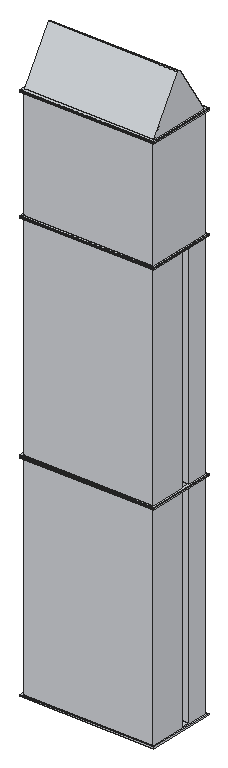
Revit family "19.Воздушная завеса без нагрева PWZ на базе вентиляторов WRP", category Оборудование, Revit 2016
Family settings
  Тип детали = Нормальный
  Размер круглого соединителя = Использовать диаметр
  На основе рабочей плоскости = Нет
  Всегда вертикально = Да
  При загрузке вырезать с полостями = Нет
  Общий = Нет
  Точка расчета площади = Нет
Parameters (values of type "60-30")
  х2 = И1 / 2  # 1000 mm
  х = И2 * 0.7  # 525 mm
  ножки(да/нет) [instance] = no
  Ширина щели = 42 mm  # constant formula
  Ширина = А  # 600 mm
  Частотный преобразователь [instance] = no
  Частота вращения n, об/мин = ""
  Тип, марка, обозначение = "PWZ 60-30 H"
  Сила тока J, А = "2.51"
  Регулятор расхода [instance] = no
  Раздел = "ОВ"
  Примечание = ""
  Позиция = ""
  Напряжение U,В = "3-380"
  Наименование и тех.хар-ка = "Воздушная завеса без нагрева"  # constant formula
  Мощность двигателя N,Вт = "1100"
  Материал = Сталь серая
  Масса единицы = ""
  Макс. расход воздуха м3/ч = ""
  Макс. полное давление, Па = ""
  И2 = 750 mm
  Код, оборудования = ""
  Ключевая пометка = "Вентиляция"
  И1 = 2000 mm
  Задание электрикам [instance] = no
  Задание автоматчикам [instance] = no
  Завод изготовитель = "KORF"  # constant formula
  Единица измерения = "шт."  # constant formula
  Высота = Б  # 300 mm
  Б1 = Б * 0.3  # 90 mm
  Б = 300 mm
  А = 600 mm
  x1 = х * 0.4  # 210 mm
  d = И2 * 0.27  # 202.5 mm
  D = И2 * 0.36  # 270 mm
Types (6, lengths in mm): name | х | Ширина | Тип, марка, обозначение | Сила тока J, А | Мощность двигателя N,Вт | И2 | Высота | Б1 | Б | А | x1 | d | D
  60-30 | 525 | 600 | "PWZ 60-30 H" | "2.51" | "1100" | 750 | 300 | 90 | 300 | 600 | 210 | 202.5 | 270
  60-35 | 525 | 600 | "PWZ 60-35 H" | "3,45" | "1500" | 750 | 350 | 105 | 350 | 600 | 210 | 202.5 | 270
  70-40 M | 595 | 700 | "PWZ 70-40 M H" | "3,45" | "1500" | 850 | 400 | 120 | 400 | 700 | 238 | 229.5 | 306
  70-40 | 595 | 700 | "PWZ 70-40 H" | "5.9" | "3" | 850 | 400 | 120 | 400 | 700 | 238 | 229.5 | 306
  80-50 | 682.5 | 800 | "PWZ 80-50 H" | "5.9" | "3000" | 975 | 500 | 150 | 500 | 800 | 273 | 263.25 | 351
  90-50 | 693 | 900 | "PWZ 90-50 H" | "10.7" | "5500" | 990 | 500 | 150 | 500 | 900 | 277.2 | 267.3 | 356.4
Reference planes
  plane 1 "По центру (Вперед/Назад)": y = 0
  plane 2: z = 0
  plane 3 "По центру (Влево/Вправо)": x = 0
  plane 4: x = -300
  plane 5: x = 300
  plane 6: y = 150
  plane 7: y = -150
  plane 8: z = 2000
  plane 9: z = 2750
  plane 10: z = 2525
  plane 11: z = 1000
  plane 12: y = 60
  plane 13: y = 18
  plane 14: x = 260
  plane 15: x = -260
  plane 16: z = 2210
  plane 17: z = 2475
  plane 18: z = 2375
  plane 19: x = 160
  plane 20: y = 200
Forms (mm)
  Extrusion 1, void, not visible
    sketch origin (-345, -245, 50) x (0, -1, 0) y (0, 0, -1)
      loop
        line (-477.965, -475) -> (-477.965, -450) -> (-528.913, -450) -> (-528.913, -475) -> (-477.965, -475)
    from -47.452 to 12
  Extrusion 2, solid
    sketch origin (0, 0, 0) x (1, 0, 0) y (0, 1, 0)
      loop
        line (-300, 150) -> (-300, -150) -> (300, -150) -> (300, 150) -> (-300, 150)
    from 1000 to 2000
  Extrusion 3, solid
    sketch origin (0, 0, 75.182) x (1, 0, 0) y (0, 0, 1)
      loop
        line (-300, 2449.818) -> (-300, 1924.818) -> (300, 1924.818) -> (300, 2449.818) -> (-300, 2449.818)
    from -150 to 150
  Extrusion 4, solid
    sketch origin (0, 0, 0) x (1, 0, 0) y (0, 0, 1)
      loop
        line (-300, 1000) -> (-300, 0) -> (300, 0) -> (300, 1000) -> (-300, 1000)
    from -150 to 150
  Extrusion 5, solid
    sketch origin (0, 0, 0) x (0, 1, 0) y (0, 0, 1)
      loop
        line (150, 2525) -> (3.883, 2750) -> (0, 2750) -> (-3.883, 2750) -> (-150, 2525) -> (150, 2525)
    from -300 to 300
  Sweep 6, solid
    path in 3D
      loop
        line (300, -150, 0) -> (300, 150, 0) -> (-300, 150, 0) -> (-300, -150, 0) -> (300, -150, 0)
    profile origin (0, -150, 0) x (0, -1, 0) y (0, 0, -1)
      loop
        line (0, 0) -> (0, -5) -> (10, -5) -> (10, 0) -> (0, 0)
  Sweep 7, solid
    path in 3D
      loop
        line (-300, -150, 1000) -> (-300, 150, 1000) -> (300, 150, 1000) -> (300, -150, 1000) -> (-300, -150, 1000)
    profile origin (0, -150, 1000) x (0, -1, 0) y (0, 0, 1)
      loop
        line (10, -5) -> (10, -1.078) -> (8.696, 0) -> (10, 1.304) -> (10, 5) -> (0, 5) -> (0, 0) -> (0, -5) -> (10, -5)
  Sweep 8, solid
    path in 3D
      loop
        line (300, -150, 2000) -> (300, 150, 2000) -> (-300, 150, 2000) -> (-300, -150, 2000) -> (300, -150, 2000)
    profile origin (0, -150, 2000) x (0, -1, 0) y (0, 0, -1)
      loop
        line (0, -5) -> (10, -5) -> (10, -1.61) -> (8.39, 0) -> (10, 1.61) -> (10, 5) -> (0, 5) -> (0, 0) -> (0, -5)
  Sweep 9, solid
    path in 3D
      loop
        line (-300, -150, 2525) -> (-300, 150, 2525) -> (300, 150, 2525) -> (300, -150, 2525) -> (-300, -150, 2525)
    profile origin (0, -150, 2525) x (0, 1, 0) y (0, 0, -1)
      loop
        line (0, 5) -> (-10, 5) -> (-10, 1.71) -> (-8.29, 0) -> (-10, -1.71) -> (-10, -5) -> (3.254, -5) -> (0, 0.01) -> (0, 5)
  Extrusion 10, void
    sketch origin (0, 0, 0) x (0, 1, 0) y (0, 0, 1)
      loop
        line (18, 2000) -> (18, 5) -> (60, 5) -> (60, 2000) -> (18, 2000)
    from 260 to 300
  Extrusion 11, void
    sketch origin (0, 0, 0) x (0, 1, 0) y (0, 0, -1)
      loop
        line (18, -2000) -> (60, -2000) -> (60, -5) -> (18, -5) -> (18, -2000)
    from 260 to 300
  Extrusion 12, solid
    sketch origin (0, 0, 0) x (1, 0, 0) y (0, 0, 1)
      loop
        line (260, 2475) -> (160, 2475) -> (160, 2375) -> (260, 2375) -> (260, 2475)
    from -150 to -200
  Blend 13, solid
    base sketch origin (0, 0, 0) x (1, 0, 0) y (0, 0, 1)
      loop
        circle (0, 2210) r 135
    top sketch origin (0, 0, 0) x (1, 0, 0) y (0, 0, 1)
      loop
        circle (0, 2210) r 101.25
    from -150 to -200
Cuts and joins
  joined: Extrusion 5, Sweep 9
  Extrusion 10, Extrusion 11 cuts Extrusion 4
  Extrusion 10, Extrusion 11 cuts Extrusion 2
  Extrusion 11 cuts Extrusion 3
  Extrusion 11 cuts Sweep 6
  Extrusion 11 cuts Sweep 7
  Extrusion 11 cuts Sweep 8
Lines and regions (mm)
  sketch lines
    curve 1: line (-300, -150, 0) -> (300, -150, 0)
    curve 2: line (300, -150, 0) -> (300, 150, 0)
    curve 3: line (300, 150, 0) -> (-300, 150, 0)
    curve 4: line (-300, -150, 0) -> (-300, 150, 0)
    curve 5: line (300, -150, 1000) -> (-300, -150, 1000)
    curve 6: line (300, -150, 1000) -> (300, 150, 1000)
    curve 7: line (-300, 150, 1000) -> (300, 150, 1000)
    curve 8: line (-300, -150, 1000) -> (-300, 150, 1000)
    curve 9: line (-300, -150, 2000) -> (300, -150, 2000)
    curve 10: line (300, -150, 2000) -> (300, 150, 2000)
    curve 11: line (300, 150, 2000) -> (-300, 150, 2000)
    curve 12: line (-300, -150, 2000) -> (-300, 150, 2000)
    curve 13: line (300, -150, 2525) -> (-300, -150, 2525)
    curve 14: line (300, -150, 2525) -> (300, 150, 2525)
    curve 15: line (300, 150, 2525) -> (-300, 150, 2525)
    curve 16: line (-300, 150, 2525) -> (-300, -150, 2525)
Dimensions and locks
  equal spacing: plane 6, plane 1 "По центру (Вперед/Назад)", plane 7
  "Б": plane 6 to plane 7
  equal spacing: plane 4, plane 3 "По центру (Влево/Вправо)", plane 5
  "А": plane 4 to plane 5
  "И1": plane 8 to level
  "И2": plane 9 to plane 8
  "х": plane 10 to plane 8
  "х2": plane 11 to level
  "Б1": plane 12 to plane 6
  "Ширина щели": plane 13 to plane 12
  locked: plane 4 to plane 15 at 40
  locked: plane 14 to plane 5 at 40
  "x1": plane 16 to plane 8
  locked: plane 17 to plane 10 at 50
  locked: plane 18 to plane 10 at 150
  locked: plane 14 to plane 19 at 100
  locked: plane 6 to plane 20 at 50
  "D": diameter of Blend 13 sketch curve
  "d": diameter of Blend 13 sketch curve
  aligned and locked: level to plane 2
  aligned and locked: Extrusion 2 to plane 4
  aligned and locked: Extrusion 2 to plane 7
  aligned and locked: plane 5 to Extrusion 2
  aligned and locked: plane 6 to Extrusion 2
  aligned and locked: plane 8 to Extrusion 2
  aligned and locked: Extrusion 3 to plane 4
  aligned and locked: plane 5 to Extrusion 3
  aligned and locked: Extrusion 3 to Extrusion 2  (x3)
  aligned and locked: plane 10 to Extrusion 3
  aligned and locked: Extrusion 2 to plane 11
  aligned and locked: plane 5 to Extrusion 4
  aligned and locked: Extrusion 4 to plane 4
  aligned and locked: Extrusion 4 to level
  aligned and locked: plane 11 to Extrusion 4
  aligned and locked: Extrusion 4 to Extrusion 2  (x2)
  aligned and locked: Extrusion 5 to Extrusion 2  (x2)
  aligned and locked: Extrusion 2 to Extrusion 10  (x2)
  aligned and locked: plane 12 to Extrusion 10
  aligned and locked: plane 13 to Extrusion 10
  aligned and locked: Extrusion 10 to plane 14
  aligned and locked: plane 12 to Extrusion 11
  aligned and locked: plane 13 to Extrusion 11
  aligned and locked: Extrusion 2 to Extrusion 11
  aligned and locked: Extrusion 11 to cut or joined group of Sweep 6, Extrusion 11
  aligned and locked: Extrusion 10 to cut or joined group of Sweep 6, Extrusion 11
  aligned and locked: plane 17 to Extrusion 12
  aligned and locked: Extrusion 12 to plane 19
  aligned and locked: Extrusion 12 to plane 18
  aligned and locked: plane 14 to Extrusion 12
  aligned and locked: Extrusion 12 to plane 6
  aligned and locked: plane 20 to Extrusion 12
  aligned and locked: plane 6 to Blend 13
  aligned and locked: Blend 13 to Extrusion 12
Automatic sketch dimensions
  Extrusion 2 sketch curve to plane 4 = 0 mm
  Extrusion 2 sketch curve to plane 5 = 0 mm
  Extrusion 2 sketch curve to plane 7 = 0 mm
  Extrusion 2 sketch curve to plane 6 = 0 mm
  Extrusion 3 sketch curve to plane 4 = 0 mm
  Extrusion 3 sketch curve to plane 5 = 0 mm
  Extrusion 3 sketch curve to plane 8 = 0 mm
  Extrusion 3 sketch curve to plane 10 = 0 mm
  Extrusion 4 sketch curve to level = 0 mm
  Extrusion 4 sketch curve to plane 4 = 0 mm
  Extrusion 4 sketch curve to plane 5 = 0 mm
  Extrusion 4 sketch curve to plane 11 = 0 mm
  Extrusion 5 sketch curve to plane 7 = 0 mm
  Extrusion 5 sketch curve to plane 9 = 0 mm
  Extrusion 5 sketch curve to plane 1 "По центру (Вперед/Назад)" = 0 mm
  Extrusion 5 sketch curve to plane 6 = 0 mm
  Extrusion 5 sketch curve to plane 10 = 0 mm
  plane 1 "По центру (Вперед/Назад)" to Extrusion 5 sketch curve = 3.883 mm
  Extrusion 5 sketch curve to plane 1 "По центру (Вперед/Назад)" = 3.883 mm
  Sweep 6 sketch curve to profile plane = 0 mm
  profile plane to Sweep 6 sketch curve = 0 mm
  Sweep 6 sketch curve to profile plane = 10 mm
  Sweep 6 sketch curve to profile plane = 5 mm
  Sweep 7 sketch curve to profile plane = 0 mm  (x3)
  Sweep 7 sketch curve to profile plane = 8.696 mm
  Sweep 7 sketch curve to Sweep 7 sketch curve = 1.304 mm  (x2)
  Sweep 7 sketch curve to profile plane = 1.078 mm
  Sweep 7 sketch curve to Sweep 7 sketch curve = 3.922 mm
  profile plane to Sweep 7 sketch curve = 1.304 mm
  profile plane to Sweep 7 sketch curve = 5 mm
  Sweep 8 sketch curve to profile plane = 0 mm
  profile plane to Sweep 8 sketch curve = 0 mm  (x2)
  Sweep 8 sketch curve to profile plane = 8.39 mm
  Sweep 8 sketch curve to Sweep 8 sketch curve = 1.61 mm  (x2)
  Sweep 8 sketch curve to profile plane = 1.61 mm
  Sweep 8 sketch curve to profile plane = 5 mm
  Sweep 8 sketch curve to Sweep 8 sketch curve = 3.39 mm
  profile plane to Sweep 9 sketch curve = 0 mm
  Sweep 9 sketch curve to profile plane = 0 mm
  profile plane to Sweep 9 sketch curve = 8.29 mm
  Sweep 9 sketch curve to Sweep 9 sketch curve = 1.71 mm  (x2)
  Sweep 9 sketch curve to profile plane = 3.254 mm
  Sweep 9 sketch curve to profile plane = 1.71 mm
  Sweep 9 sketch curve to profile plane = 5 mm
  profile plane to Sweep 9 sketch curve = 0.01 mm
  Sweep 9 sketch curve to Sweep 9 sketch curve = 4.99 mm
  level to Extrusion 10 sketch curve = 5 mm
  Extrusion 10 sketch curve to plane 13 = 0 mm
  Extrusion 10 sketch curve to plane 12 = 0 mm
  Extrusion 10 sketch curve to plane 8 = 0 mm
  level to Extrusion 11 sketch curve = 5 mm
  Extrusion 11 sketch curve to plane 13 = 0 mm
  Extrusion 11 sketch curve to plane 12 = 0 mm
  Extrusion 11 sketch curve to plane 8 = 0 mm
  plane 19 to Extrusion 12 sketch curve = 0 mm
  Extrusion 12 sketch curve to plane 14 = 0 mm
  plane 18 to Extrusion 12 sketch curve = 0 mm
  Extrusion 12 sketch curve to plane 17 = 0 mm
  Blend 13 sketch curve to plane 3 "По центру (Влево/Вправо)" = 0 mm  (x2)
  Blend 13 sketch curve to plane 16 = 0 mm  (x2)
Nested families
  nested 1: "крепление 15мм" at (-330, 229.965, 495), type "крепление 15мм", not visible
Connectors
  hvac at (0, 0, 0), driven by "Ширина", driven by "Высота"
    settings: on Extrusion 4, index 1, duct flow 0.0 L/s, flow factor 0, pres drop 0.0 Pa, loss coef 0, conn angle 0.00°, conn width 600 mm, conn height 300 mm, conn diameter 609.6 mm, duct sys type 28, conn prof type 1, flow config 0, flow direction 0, loss method 0, conn ref index -1, conn util no, is conn primary yes, conn desc ""
Definition of nested family "крепление 15мм"
  Parameters (values of type "крепление 15мм")
    Материал крепления = none
  Reference planes
    plane 1 "По центру (Вперед/Назад)": y = 0
    plane 2: z = 0
    plane 3 "По центру (Влево/Вправо)": x = 0
  Forms (mm)
    Extrusion 1, solid, material <- "Материал крепления"
      sketch origin (0, 0, 0) x (1, 0, 0) y (0, 1, 0)
        loop
          line (-25, 0) -> (0, 0) -> (0, 18.31) -> (0, 25) -> (-3, 25) -> (-3, 3) -> (-25, 3) -> (-25, 0)
      from 0 to 30
    Extrusion 2, void
      sketch origin (0, 0, 0) x (1, 0, 0) y (0, 1, 0)
        loop
          line (-3, 3) -> (-3, 54.96) -> (-58, 54.96) -> (-58, 3) -> (-3, 3)
      from 0 to 15
  Cuts and joins
    Extrusion 2 cuts Extrusion 1
  Dimensions and locks
    Extrusion 1 sketch curve to Extrusion 1 sketch curve = 3 mm  (x2)
    Extrusion 1 sketch curve to Extrusion 1 sketch curve to plane 3 "По центру (Влево/Вправо)" = 25 mm, 0 mm
    Extrusion 1 sketch curve to Extrusion 1 sketch curve = 25 mm
    aligned and locked: level to plane 2
